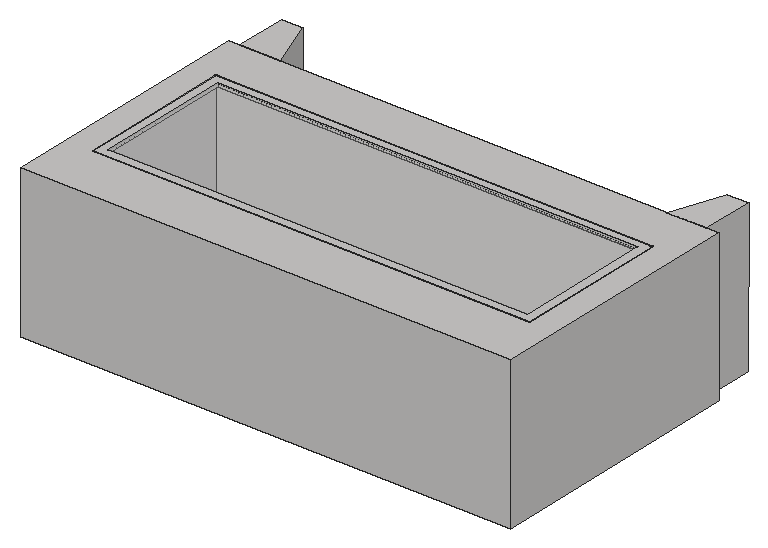
Revit family "Fireplace_Gas_HeatNGlo_Lanai", category Mechanical Equipment, host Face, Revit 2015
Parameters (values of type "51 x 18 Viewing Area LP")
  Warranty Duration (Years) = 0
  Unit Width = 4' - 9 1/4"
  Unit Weight = 0
  Unit Height = 2' - 6 3/8"
  Unit Depth = 1' - 5 5/8"
  URL = "http://pro.heatnglo.com/"
  Test Data = ""
  Standards Conformance = "cULus  ;  ANSI Z21.97-2014  ;  CSA 2.41-2014"
  Specification = "https://www.arcat.com/sdspecs/htm04/10_31_07hng.htm"
  SpecWizard = "https://www.arcat.com/specwizard/10305hng/index04.htm"
  Sales Information = "http://pro.heatnglo.com/WhereToBuy.aspx?pro=1&brandfilter=HNG"
  Revision = "R1_2018-05"
  Recess Into Host [instance] = 1' - 7"
  Rear Wall Finish [instance] = Metal - HHT - Stainless Steel
  Product Properties = ""
  Product Data = "https://www.arcat.com/arcatcos/cos33/arc33011.html"
  Opening Width = 4' - 3"
  Opening Height = 1' - 6"
  Mounting Height [instance] = 1' - 10.76867"
  Model = "ODLANAIG-51"
  Media Material [instance] = Media - HHT - Blue Glass
  Manufacturer Website = "http://pro.heatnglo.com/"
  Manufacturer Phone - Toll Free = "800-669-4328"
  Manufacturer Phone = ""
  Manufacturer Fax = ""
  Manufacturer Address = "7571 215th St. W.  Lakeville, MN 55044"
  Manufacturer = "Heat & Glo"
  Maintenance Schedule (Months) = 0
  Keynote = "10 31 00"
  Installation-Fabrication = ""
  Installation Phase = ""
  Include Screen [instance] = yes
  Heating Capacity = "as Specified"
  HVAC_BTU Output = 0.0 Btu/h
  HVAC_BTU Input = 53000.0 Btu/h
  Green Building-LEED = "https://www.arcat.com/green/clients/leed_data_33011.html"
  Glazing Tint [instance] = Glazing - HHT - Clear
  Fuel Type = "Liquid Petroleum"
  Fuel Consumption = "as Specified"
  Fixture Finish = Metal - HHT - Stainless Steel
  Expected Lifespan (Years) = 0
  Electrical_Voltage = 0 V
  Electrical_Frequency = 0 Hz
  Electrical_Amperage = 0 A
  Efficiency Ratings = "as Specified"
  Drawn By = "Sumex Design, Inc. / Robert S. Weygant, CSI, CDT, SCIP"
  Description = "Heat & Glo Outdoor Gas Burning Fireplace - Lanai as Specified"
  Default Elevation = 0' - 0"  # constant formula
  Copyright = "©Arcat Inc."
  Construction Details = "https://www.arcat.com/details/heatnglo/heatnglo.html?coid=33011"
  Building Codes = ""
  Assembly Code = "D3020"
Types (2): name | HVAC_BTU Input | Fuel Type
  51 x 18 Viewing Area NG | 55000.0 Btu/h | "Natural Gas"
  51 x 18 Viewing Area LP | 53000.0 Btu/h | "Liquid Petroleum"
Reference planes (in)
  plane 1 "Opening CL": y = 0
  plane 2: z = 0
  plane 3 "Center (Left/Right)": x = 0
  plane 4: z = -19
  plane 5 "Front": z = -1.375
  plane 6: x = -25.5
  plane 7: x = 25.5
  plane 8: y = 6.1875
  plane 9 "FF": y = -41.20617
  plane 10: y = -18.4375
  plane 11: y = -11.8125
  plane 12: x = -28.625
  plane 13: x = 28.625
  plane 14: x = -27.5625
  plane 15: x = 27.5625
Forms (in)
  Extrusion 1, void
    sketch origin (0, 0, 0) x (1, 0, 0) y (0, 1, 0)
      loop
        line (28.625, 11.9375) -> (-28.625, 11.9375) -> (-28.625, -18.4375) -> (28.625, -18.4375) -> (28.625, 11.9375)
    from -19 to 5.63952
  Extrusion 2, solid, material "Metal - HHT - Stainless Steel" <- "Fixture Finish"
    sketch origin (-6.5, -18.4375, 48) x (1, 0, 0) y (0, 0, 1)
      loop
        line (-22.125, -67) -> (35.125, -67) -> (35.125, -49.375) -> (-22.125, -49.375) -> (-22.125, -67)
    from 0 to -6.625
  Extrusion 3, solid, material "Metal - HHT - Stainless Steel" <- "Fixture Finish"
    sketch origin (0, 0, 0) x (1, 0, 0) y (0, 0, 1)
      loop
        line (-28.625, -1.375) -> (-28.625, -19) -> (28.625, -19) -> (28.625, -1.375) -> (25.5, -1.375) -> (25.5, -16.375) -> (-25.5, -16.375) -> (-25.5, -1.375) -> (-28.625, -1.375)
    from -6.1875 to 11.8125
  Extrusion 4, solid, material "Metal - HHT - Stainless Steel" <- "Fixture Finish"
    sketch origin (-9.69765, 6.1875, 48) x (-1, 0, 0) y (0, 0, 1)
      loop
        line (18.92735, -67) -> (18.92735, -49.375) -> (-38.32265, -49.375) -> (-38.32265, -67) -> (18.92735, -67)
    from 5.75 to 0
  Extrusion 5, solid, material "Metal - HHT - Stainless Steel" <- "Fixture Finish"
    sketch origin (0, -16.31553, -1.375) x (0, -1, 0) y (1, 0, 0)
      loop
        line (-28.25303, -27.25) -> (-28.25303, -22.56618) -> (-34.25303, -24.75) -> (-34.25303, -27.25) -> (-28.25303, -27.25)
      loop
        line (-28.25303, 27.25) -> (-34.25303, 27.25) -> (-34.25303, 24.75) -> (-28.25303, 22.56618) -> (-28.25303, 27.25)
    from 0 to -17.625
  Extrusion 6, solid, material "Glazing - HHT - Clear" <- "Glazing Tint"
    sketch origin (0, 0, 0) x (0, 1, 0) y (0, 0, 1)
      loop
        line (-11.8125, -4.875) -> (-11.8125, -5.375) -> (-6.5625, -5.375) -> (-6.5625, -4.875) -> (-11.8125, -4.875)
    from -25.5 to 25.5
  Extrusion 7, solid, material "Media - HHT - Blue Glass" <- "Media Material"
    sketch origin (0, 0, 0) x (0, 1, 0) y (0, 0, 1)
      loop
        line (-11.8125, -5.375) -> (-11.8125, -16.375) -> (-10.04331, -16.375) -> (-10.8125, -5.375) -> (-11.8125, -5.375)
    from -25.5 to 25.5
  Extrusion 8, solid
    sketch origin (-28.625, -180, 14.07791) x (0, 0, 1) y (0, -1, 0)
      loop
        circle (-23.07791, -163.8125) r 0.5
      loop
        circle (-26.07791, -163.8125) r 0.5
    from 0 to -0.5636
  Extrusion 9, solid
    sketch origin (0, 0, 0) x (0, 1, 0) y (0, 0, 1)
      loop
        line (6.1875, -1.375) -> (6.22861, -1.375) -> (6.02382, -1.23161) -> (5.98271, -1.23161) -> (6.1875, -1.375)
    from -25.5 to 25.5
  Extrusion 10, solid, material "Metal - HHT - Stainless Steel" <- "Fixture Finish", visible <- "Include Screen"
    sketch origin (0, -16.31553, -1.375) x (0, -1, 0) y (1, 0, 0)
      loop
        line (-4.50303, -25.5) -> (-4.50303, 25.5) -> (-22.50303, 25.5) -> (-22.50303, -25.5) -> (-4.50303, -25.5)
      loop
        line (-5.50303, -24.5) -> (-5.50303, 24.5) -> (-21.50303, 24.5) -> (-21.50303, -24.5) -> (-5.50303, -24.5)
    from 0 to -0.39053
  Extrusion 11, solid, material "Glazing - HHT - Clear" <- "Glazing Tint", visible <- "Include Screen"
    sketch origin (0, -16.31553, -1.375) x (0, -1, 0) y (1, 0, 0)
      loop
        line (-5.50303, -24.5) -> (-5.50303, 24.5) -> (-21.50303, 24.5) -> (-21.50303, -24.5) -> (-5.50303, -24.5)
    from -0.26738 to -0.1398
Cuts and joins
  joined: Extrusion 2, Extrusion 3, Extrusion 4
Dimensions and locks (in)
  "Recess Into Host": level to plane 4
  "Unit Depth": plane 5 "Front" to plane 4
  equal spacing: plane 6, plane 3 "Center (Left/Right)", plane 7
  "Opening Width": plane 6 to plane 7
  "Mounting Height": plane 10 to plane 9 "FF"
  locked: plane 10 to plane 11 at 6.625
  "Opening Height": plane 8 to plane 11
  locked: plane 5 "Front" to Extrusion 3 sketch curve at 15
  equal spacing: plane 12, plane 3 "Center (Left/Right)", plane 13
  "Unit Width": plane 12 to plane 13
  locked: plane 12 to plane 14 at 1.0625
  locked: plane 15 to plane 13 at 1.0625
  plane 5 "Front" to Extrusion 6 sketch curve to Extrusion 6 sketch curve = 0' - 3 1/2" locked, 0' - 0 1/2" locked
  locked: plane 5 "Front" to Extrusion 7 sketch curve at 4
  Extrusion 8 sketch curve to Extrusion 8 sketch curve to plane 4 = 0' - 3" locked, 0' - 7" locked
  locked: plane 10 to Extrusion 8 sketch curve at 2.25  (x2)
  plane 10 to Extrusion 5 sketch curve to Extrusion 5 sketch curve = 2' - 6 3/8" locked, 0' - 6" locked  (x2)
  locked: plane 10 to Extrusion 1 sketch curve at 30.375
  aligned and locked: plane 2 to host face
  aligned and locked: level to host face
  aligned: plane 5 "Front" to Extrusion 1
  aligned and locked: Extrusion 1 to plane 4
  aligned and locked: Extrusion 2 sketch curve to plane 5 "Front"
  aligned and locked: Extrusion 2 sketch curve to plane 4
  aligned: plane 11 to Extrusion 2
  aligned and locked: Extrusion 3 to plane 8
  aligned and locked: Extrusion 3 to plane 11
  aligned and locked: plane 5 "Front" to Extrusion 4 sketch curve
  aligned and locked: Extrusion 4 sketch curve to plane 4
  aligned: plane 8 to Extrusion 4
  aligned and locked: plane 13 to Extrusion 3 sketch curve  (x2)
  aligned and locked: plane 7 to Extrusion 3 sketch curve
  aligned and locked: Extrusion 1 sketch curve to plane 12
  aligned and locked: plane 13 to Extrusion 1 sketch curve
  aligned and locked: Extrusion 1 sketch curve to plane 10
  aligned and locked: Extrusion 2 sketch curve to plane 12
  aligned and locked: Extrusion 2 sketch curve to plane 13
  aligned and locked: Extrusion 3 sketch curve to plane 12
  aligned and locked: Extrusion 3 sketch curve to plane 7
  aligned and locked: Extrusion 3 sketch curve to plane 6
  aligned and locked: Extrusion 4 sketch curve to plane 12
  aligned and locked: Extrusion 4 sketch curve to plane 13
  aligned and locked: plane 11 to cut or joined group of Extrusion 2, Extrusion 3, Extrusion 4
  aligned and locked: Extrusion 6 to plane 7
  aligned and locked: Extrusion 6 to plane 6
  aligned and locked: Extrusion 7 to plane 7
  aligned and locked: plane 6 to Extrusion 7
  aligned and locked: Extrusion 3 sketch curve to plane 5 "Front"
  aligned and locked: plane 5 "Front" to Extrusion 3 sketch curve
  aligned and locked: Extrusion 5 to plane 4
  aligned and locked: plane 7 to Extrusion 9
  aligned and locked: Extrusion 9 to plane 6
Automatic sketch dimensions
  host sketch curve to host sketch curve = 8' - 0"
  host sketch curve to host sketch curve = 10' - 4 9/16"
  Extrusion 3 sketch curve to plane 4 = 0' - 0"
  Extrusion 6 sketch curve to plane 11 = 0' - 0"
  plane 11 to Extrusion 6 sketch curve = 0' - 5 1/4"
  plane 12 to Extrusion 5 sketch curve = 0' - 1 3/8"
  Extrusion 5 sketch curve to plane 13 = 0' - 1 3/8"
  plane 6 to Extrusion 5 sketch curve = 0' - 0 3/4"
  plane 6 to Extrusion 5 sketch curve = 0' - 2.93382"
  Extrusion 5 sketch curve to plane 7 = 0' - 0 3/4"
  Extrusion 5 sketch curve to plane 7 = 0' - 2.93382"
  Extrusion 9 sketch curve to plane 5 "Front" = 0' - 0"
  Extrusion 9 sketch curve to plane 8 = 0' - 0"
  Extrusion 9 sketch curve to plane 8 = 0' - 0.16368"
  Extrusion 9 sketch curve to Extrusion 9 sketch curve = 0' - 0.04111"  (x2)
  plane 5 "Front" to Extrusion 9 sketch curve = 0' - 0.14339"
  Extrusion 7 sketch curve to plane 11 = 0' - 0"
  Extrusion 7 sketch curve to Extrusion 7 sketch curve = 0' - 1"
  Extrusion 7 sketch curve to Extrusion 7 sketch curve = 0' - 1.76919"
  plane 4 to Extrusion 7 sketch curve = 0' - 2 5/8"
  Extrusion 10 sketch curve to plane 6 = 0' - 0"
  Extrusion 10 sketch curve to plane 8 = 0' - 0"
  Extrusion 10 sketch curve to plane 7 = 0' - 0"
  plane 11 to Extrusion 10 sketch curve = 0' - 0"
  Extrusion 10 sketch curve to plane 8 = 0' - 1"
  plane 11 to Extrusion 10 sketch curve = 0' - 1"
  plane 6 to Extrusion 10 sketch curve = 0' - 1"
  Extrusion 10 sketch curve to plane 7 = 0' - 1"
  Extrusion 11 sketch curve to plane 8 = 0' - 1"
  plane 11 to Extrusion 11 sketch curve = 0' - 1"
  plane 6 to Extrusion 11 sketch curve = 0' - 1"
  Extrusion 11 sketch curve to plane 7 = 0' - 1"
  radius of Extrusion 8 sketch curve = 0' - 0 1/2"  (x2)
Connectors (in)
  piping at (-29.1886, -16.1875, -9), diameter 0.5
    settings: on Extrusion 8, index 1, connector inside diameter 1/2", connector length 0' - 0", flow factor 0, pipe flow 0 GPM, pressure drop 0.00 psi, fitting loss kfactor 0, connector angle 0.00°, fixture units 0, engagement length 0' - 0", angle of deflection 0.00°, flow configuration 0, flow direction 1, fitting loss method 0, system type 29, joint type 0, gender type 0, connector reference index -1, connector utility 0, adjustable connector no, is connector primary yes, connector description "Gas Inlet"
  electrical at (-29.1886, -16.1875, -12), driven by "Electrical_Voltage"
    settings: on Extrusion 8, index 3, voltage 0 V, apparent load 0 VA, apparent load phase1 0 VA, apparent load phase2 0 VA, apparent load phase3 0 VA, power factor 1, load classification "Other", number of poles 1, system type 31, power factor state 1, is connector primary yes, connector utility no, sub classification motor no, connector description ""
